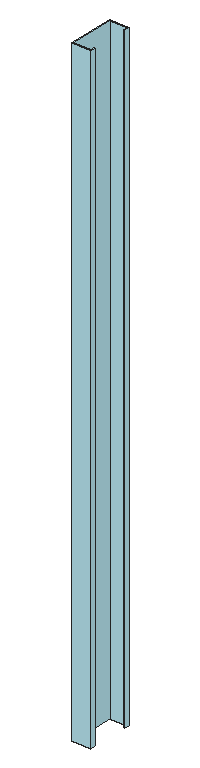
Revit family "75補強材", category 機械設備, Revit 2020
Family settings
  丸型コネクタ寸法 = 直径を使用
  種別 = なし
  パーツ タイプ = 標準
  作業面ベース = いいえ
  常に垂直 = はい
  ロード時にボイドで切り取り = いいえ
  共有 = いいえ
  部屋計算ポイント = いいえ
Parameters
  製造元 = "株式会社桐井製作所"
  既定の高さ = 0 mm
  URL = "https://www.kirii.co.jp/"
  K_長さ(mm) [instance] = 1000 mm
  K_材質 = "SGCC一般用・SGC340~570高強度一般用・SGC340~570高強度一般用"
  K_外形寸法(mm) = "75×30×7"
  K_品名 = "75補強材"
  K_名称 = "補強材"
  K_バージョン情報 = "20210524"
  K_めっき付着量 = "Z08"
  K_JIS規格 = "JIS G 3302"
Reference planes
  plane 1 "中心(正面/背面)": y = 0
  plane 2: z = 0
  plane 3 "中心(左/右)": x = 0
  plane 4: z = 1000
  plane 5: y = 75
Forms (mm)
  Extrusion 1, solid, material "04ブレース材・補強材"
    sketch origin (0, 0, 0) x (1, 0, 0) y (0, 1, 0)
      loop
        line (0, 0) -> (30, 0) -> (30, 7) -> (28.8, 7) -> (28.8, 1.2) -> (1.2, 1.2) -> (1.2, 73.8) -> (28.8, 73.8) -> (28.8, 68) -> (30, 68) -> (30, 75) -> (0, 75) -> (0, 0)
    from 0 to 1000
Dimensions and locks
  "K_長さ(mm)": plane 4 to plane 2
  aligned and locked: level to plane 2
  aligned and locked: plane 4 to Extrusion 1
  aligned and locked: plane 5 to Extrusion 1
Automatic sketch dimensions
  Extrusion 1 sketch curve to plane 3 "中心(左/右)" = 0 mm
  plane 1 "中心(正面/背面)" to Extrusion 1 sketch curve = 0 mm
  plane 3 "中心(左/右)" to Extrusion 1 sketch curve = 1.2 mm
  Extrusion 1 sketch curve to plane 1 "中心(正面/背面)" = 1.2 mm
  Extrusion 1 sketch curve to Extrusion 1 sketch curve = 1.2 mm  (x3)
  Extrusion 1 sketch curve to Extrusion 1 sketch curve = 5.8 mm  (x2)
  Extrusion 1 sketch curve to Extrusion 1 sketch curve = 61 mm
  Extrusion 1 sketch curve to Extrusion 1 sketch curve = 27.6 mm  (x2)
